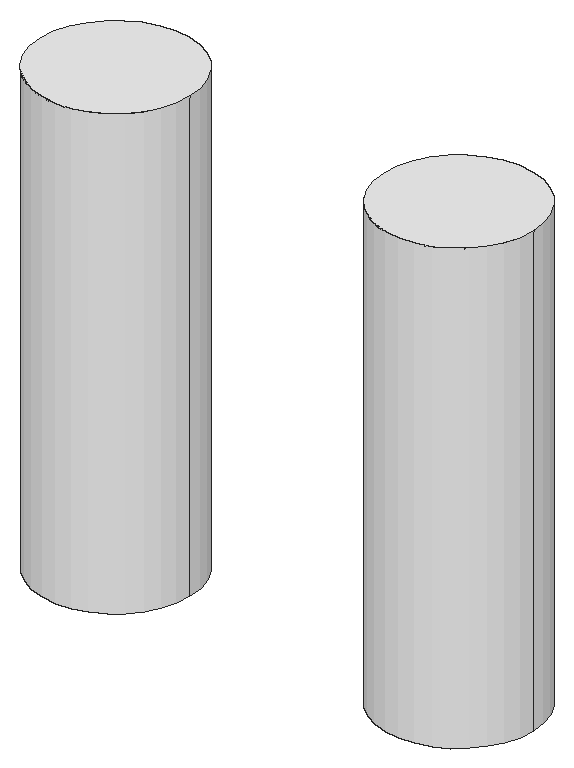
Revit family "93102009(2023)", category Plumbing Fixtures, Revit 2020
Family settings
  Round Connector Dimension = Use Diameter
  Part Type = Normal
  OmniClass Number = 23.45.55.00
  OmniClass Title = Sanitary Faucets, Wastes
  Work Plane-Based = No
  Always vertical = Yes
  Cut with Voids When Loaded = No
  Shared = No
  Room Calculation Point = No
Parameters (values of type "93102009 HANSAELECTRA")
  Working Pressure = "100 - 1000 kPa"
  WarrantyStartDate [instance] = "n/a"
  WarrantyGuarantorParts = "n/a"
  WarrantyGuarantorLabor = "n/a"
  WarrantyDurationUnit = "Year"
  WarrantyDurationParts = "n/a"
  WarrantyDurationLabor = "n/a"
  WarrantyDescription = "http://warranty.hansa.com"
  Warranty Information URL = "http://warranty.hansa.com"
  VersionDate = "20/02/2024"
  Version = "1"
  ValvePattern = "n/a"
  ValveOperation = "n/a"
  ValveMechanism = "n/a"
  Uniclass2015Reference = "Pr_40_20_87_96"
  Uniclass2015Description = "Washbasin manual water supply sets"
  Uniclass2 = "Pr_40_30_96_96"
  URL WEEE = "http://static.hansa.com/WEEE/93102009"
  URL REACH = "http://static.hansa.com/doc/reach"
  URL Materials Declaration = "http://www.hansa.com/fileadmin/resources/188803_93102009_materialsdeclaration.pdf"
  URL Environmental Product Declaration EPD = "http://www.hansa.com/fileadmin/resources/189536_Oras Group EPD_Touchless composite washbasin faucet.pdf"
  URL EcoLabel Declaration = "http://static.hansa.com/doc/EcoLabel"
  URL EU Packaging Declaration = "http://static.hansa.com/doc/packaging"
  URL Declaration of SCIP = "http://static.hansa.com/doc/SCIP"
  URL Declaration of Conformity = "http://static.hansa.com/DoC/93102009"
  URL Declaration of Asbestos = "http://static.hansa.com/doc/asbestos"
  URL Declaration Of Performance (DOP) = "http://static.hansa.com/doc/DoP"
  URL = ""
  UNSPSC Class Number = "30181700 Faucets or taps"
  Type Comments = ""
  TestPressure = "n/a"
  Temperature Adjustments = "Adjustable hot water stop (included, retrofittable);"
  Technical DataSheet URL = "http://www.hansa.com/datasheet/93102009/en"
  TagNumber [instance] = "n/a"
  SustainabilityPerformance = "n/a"
  Surface treatment = "Chrome"
  Spout Type = "Fixed spout"
  Spout Projection = "118 mm"
  Size = "70x165x190 mm"
  Short Marketing = "Electra 93 series is giving you a whole new modern design with its rounded square body and spout giving you new fresh and updated design.\nThe tall design compliments the new trends of modern bathroom of more square design and shallow sinks, where the extra height gives you more comfortable usage.\n\nKey Features\nAerator with Tilt function +/- 10° for more flexible installation\nNewest Sensor technology for better detection and operation comfort\nBluetooth technology for easy adjustment to personalize settings \nAntiscalding protection\nTemperature measurement\nPower Plug"
  Shape = "Sculptured"
  SerialNumber [instance] = "n/a"
  Sales Package dimensions (LxWxH) = "568 x 182 x 78"
  Revision = "n/a"
  ReplacementCost = "n/a"
  Protection Class = "IP 55 / transformer IP 20"
  ProductInformation = "n/a"
  Product URL = "http://static.hansa.com/93102009"
  Product Image URL = "http://static.hansa.com/image/93102009"
  Product Family = "Safety Touchless;Plug transformer;Bluetooth®;Lead free"
  Product Code = "93102009"
  OperatingMechanismMaterial = "n/a"
  Operating Voltage = 9 V
  Operating Distance = "20-130 mm (110/130/160 mm)"
  NominalWidth = 67.722 mm
  NominalHeight = 190 mm
  NominalDepth = 163.081 mm
  Noise Class = "I (ISO 3822) "
  Name_en = "93102009 HANSAELECTRA"
  Name = "93102009 HANSAELECTRA"
  NBSReference = "45-35-70/371"
  NBSDescription = "Water supply fittings for wash basins and troughs"
  Mounting Holes = "1 hole"
  ModelReference = "93102009"
  ModelNumber = "n/a"
  Model = "93102009 HANSAELECTRA"
  Mobile Product Information URL = "http://mpi.hansa.com/93102009"
  Mechanical Parts = "Mixing valve for manual temperature control;Non-return valve(s);Litter filter(s)"
  Max. Hot Water Supply = 70 °C
  Max Flow Period = "2 min (1 - 1800 s)"
  Material = "Composite"
  ManufacturerURL = "http://www.hansa.com"
  ManufacturerName = "HANSA"
  Manufacturer = "HANSA"
  Long Marketing = "Bluetooth Touchless faucet with tilt aerator. +/- 10° adjustment option.\nEasy grip temperature lever for good grip and easy adjustment. \nSMART intelligent bluetooth sensor with 3 optical lenses for improved performance supported by app connection for personalized and easy adjustment of sensor settings.\nIntelligent temperature measurement and intelligent Antiscalding protection.\nMetal free waterways due to high pressure composite construction and easy installation due to fast and easy 3S installation system."
  Lever Handle = "Temperature control handle"
  Keynote = ""
  Interactive AR View URL = "https://static.hansa.com/AR/93102009"
  InstallationDate [instance] = "n/a"
  Installation and Maintenance Guide URL = "http://static.hansa.com/manual/93102009"
  Installation Type = "Deck mounted"
  InletConnectionSize = 10 mm
  IfcExportType = "FAUCET"  # constant formula
  IfcExportAs = "IfcValveType"  # constant formula
  Group = "Sales item"
  Grade = "n/a"
  FlowCoefficient = 0
  Finish = "Polished"
  Features = "Washbasin faucet"
  FaucetMainMaterial = Brass
  FDV Document URL = "http://www.hansa.com/datasheet/93102009/en/fdv"
  ExpectedLife = "n/a"
  Electronic Parts = ";Power supply;Light indicated function(s)"
  Electrical Connection = "230 / 9 V"
  ETIM Class Number = "EC010340 Electronic tap"
  EN Standard = "EN 15091,\nETSI EN 301 489-1 V1.9.2 , \nETSI EN 300 328 v2.2.2 , \nEN 61000-6-1:2007 , \nEN 61000-6-3:2007+A1:2011+AC:2012 , \nEN 60335-1:2012+A11+A13+A1+A14+A2+A15:2021, Part 19.11.4"
  EMC Directive = "Radio Equipment Directive 2014/53/EU , \nLow Voltage Directive 2014/35/EU , \nEMC Directive 2014/30/EU , \nRoHS Directive 2011/65/EU"
  EAN Number = "4057304019548"
  DurationUnit = "Year"
  Dimension Drawing URL = "http://static.hansa.com/dimdrw/93102009"
  Description = ""
  DefaultElevation [instance] = 900 mm
  Default Elevation = 0 mm
  Constituents = "n/a"
  Connection Size = "G3/8"
  Connection = "Flexible inlet pipes"
  Color = "Chrome"
  CodePerformance = "n/a"
  CloseOffRating = 0
  Catalog Drawing URL = "http://static.hansa.com/catdrw/93102009"
  CO2 Emissions (D) = -0.68
  CO2 Emissions (C4) = 0.86
  CO2 Emissions (C3) = 0
  CO2 Emissions (C2) = 0.01
  CO2 Emissions (A4) = 0.14
  CO2 Emissions (A1-A3) = 3.62
  Brand = "HANSA"
  BodyMaterial = "Brass"
  Bluetooth = "5.x (D060576)"
  Barcode [instance] = "n/a"
  Backflow Prevention EN1717 = "EB"
  BIMObjectName = "93102009(2023)"
  Automatic Flush Period = "30 s (1-1800 s)"
  Automatic Flush Frequency = "off (off/1-120 h)"
  Author = "BIMStone"
  AssetType = "Fixed"
  AssetIdentifier [instance] = "n/a"
  Afterflow Period = "3 s (1-20 s)"
  Aerator = "PCA® - constant flow rate regardless of pressure variations;Adjustable flow angle"
  Advanced Features = "3S-installation system for safe and simple mounting;Software settings adjustable via App"
  AccessibilityPerformance = "n/a"
  3D View = "https://static.hansa.com/AR/93102009"
  2D/3D/BIM Files URL = "http://static.hansa.com/bim/93102009"
Reference planes
  plane 1 "Center (Front/Back)": y = 0
  plane 2: z = 0
  plane 3 "Center (Left/Right)": x = 0
  plane 4: x = -27.304
  plane 5: z = 900
  plane 6: z = 870
  plane 7: y = -163.081
  plane 8: x = 27.304
  plane 9: z = 1090
  plane 10: x = 40.417
Forms (mm)
  Extrusion 1, solid, material "Brass" <- "FaucetMainMaterial"
    sketch origin (0, -2.393, 0) x (1, 0, 0) y (0, 1, 0)
      loop
        circle (-11.5, -22.5) r 5
      loop
        circle (11.5, -22.5) r 5
    from 870 to 900
Dimensions and locks
  "DefaultElevation": plane 5 to level
  locked: plane 5 to plane 6 at 30
  "NominalDepth": plane 7 to plane 1 "Center (Front/Back)"
  equal spacing: plane 4, plane 3 "Center (Left/Right)", plane 8
  "NominalHeight": plane 9 to plane 5
  locked: plane 8 to plane 10 at 13.113
  "NominalWidth": plane 4 to plane 10
  "InletConnectionSize": diameter of Extrusion 1 sketch curve  (x2)
  aligned and locked: level to plane 2
  aligned and locked: plane 5 to Extrusion 1
  aligned and locked: Extrusion 1 to plane 6
  aligned and locked: plane 1 "Center (Front/Back)" to nested 2
  aligned and locked: plane 3 "Center (Left/Right)" to nested 2
  aligned and locked: plane 3 "Center (Left/Right)" to nested 1
  aligned and locked: plane 1 "Center (Front/Back)" to nested 1
  aligned and locked: plane 5 to nested 2
Automatic sketch dimensions
  Extrusion 1 sketch curve to plane 3 "Center (Left/Right)" = 11.5 mm
  plane 3 "Center (Left/Right)" to Extrusion 1 sketch curve = 11.5 mm
  plane 1 "Center (Front/Back)" to Extrusion 1 sketch curve = 24.893 mm
  Extrusion 1 sketch curve to Extrusion 1 sketch curve = 0 mm
Nested families
  nested 1: "Symbol" at (0, 0, 0), type "Symbol", detail levels coarse
  nested 2: "93102009(2023)_Body" at (0, 0, 900), Material <- "FaucetMainMaterial", type "93102009(2023)_Body"
    with Material Brass
Connectors
  piping at (-11.5, -24.893, 870), diameter 10, driven by "InletConnectionSize"
    settings: on Extrusion 1, index 1, connector inside diameter 609.6 mm, connector length 0 mm, flow factor 0, pipe flow 0.2 L/s, pressure drop 0.0 Pa, fitting loss kfactor 0, connector angle 0.00°, fixture units 0, engagement length 0 mm, angle of deflection 0.00°, flow configuration 1, flow direction 1, fitting loss method 0, system type 19, joint type 0, gender type 0, connector reference index -1, connector utility 0, adjustable connector no, is connector primary yes, connector description ""
  piping at (11.5, -24.893, 870), diameter 10, driven by "InletConnectionSize"
    settings: on Extrusion 1, index 2, connector inside diameter 609.6 mm, connector length 0 mm, flow factor 0, pipe flow 0.2 L/s, pressure drop 0.0 Pa, fitting loss kfactor 0, connector angle 0.00°, fixture units 0, engagement length 0 mm, angle of deflection 0.00°, flow configuration 1, flow direction 1, fitting loss method 0, system type 20, joint type 0, gender type 0, connector reference index -1, connector utility 0, adjustable connector no, is connector primary no, connector description ""
Definition of nested family "Symbol"
  Reference planes
    plane 1: y = 0
    plane 2: x = 0
  Lines and regions (mm)
    detail lines
      curve 1: line (0, 0, 0) -> (0, -1.8, 0)
      curve 2: line (-0.4, -1.1, 0) -> (0.4, -1.1, 0)
      curve 3: line (-0.4, -1.4, 0) -> (0.4, -1.4, 0)
      curve 4: line (0.863, 0, 0) -> (-0.863, 0, 0)
      curve 5: circle (-1.163, 0, 0) r 0.3 normal (0, 0, -1)
      curve 6: circle (1.163, 0, 0) r 0.3 normal (0, 0, 1)
